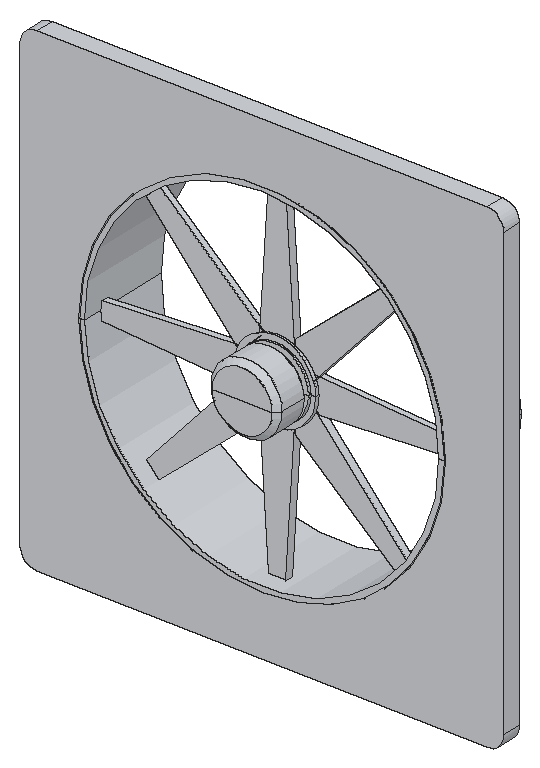
Revit family "CADS_Vent-Axia_MechEquip_Fan_VSP_SabreSicklePlate_3Ph4P - EXTRACT", category Mechanical Equipment, Revit 2020
Family settings
  Round Connector Dimension = Use Diameter
  Part Type = Normal
  OmniClass Number = 23.75.00.00
  OmniClass Title = Climate Control (HVAC)
  Work Plane-Based = No
  Always vertical = Yes
  Cut with Voids When Loaded = No
  Shared = No
  Room Calculation Point = No
Parameters (values of type "VSP31534A")
  WorkingPressure = 0.0 Pa
  WarrantyStartDate [instance] = "1900-12-31T23:59:59"
  WarrantyPeriod = ""
  WarrantyIdentifier = "N/A"
  WarrantyGuarantorParts = "tech@vent-axia.com"
  WarrantyGuarantorLabor = "tech@vent-axia.com"
  WarrantyGuarantor = "Vent-Axia Limited"
  WarrantyEndDate [instance] = "1900-12-31T23:59:59"
  WarrantyContent = ""
  TemperatureRange = ""
  TagNumber [instance] = "N/A"
  SustainabilityPerformance = ""
  Status = "New"
  Size = ""
  Shape = ""
  ServiceLifeType = ""
  ServiceLifeDuration = ""
  SerialNumber [instance] = "N/A"
  ReplacementCost = ""
  RatedVoltage = 0 V
  RatedCurrent = 0 A
  Quantity = 1
  ProductionYear = ""
  PressureCurve = ""
  PowerFactor = ""
  PointOfContact = ""
  NumberOfPoles = 0
  NominalWidth = 430 mm
  NominalLength = 83.9 mm
  NominalHeight = 315 mm
  NominalFrequencyRange = ""
  NominalDiameter = 315 mm
  ModelReference = "OWLET SICKLE PLATE FAN 315 DIA 3PH 4 POLE"
  ModelNumber = "VSP31534A"
  Material = ""
  ManufacturerE-Mail = "tech@vent-axia.com"
  ManufacturerAddress = "Fleming Way\nCrawley \nRH10 9YX"
  IsExtendedWarranty = no
  InsulationStandardClass = ""
  InstallationDate [instance] = "1900-12-31T23:59:59"
  IfcExportType [instance] = ""
  IfcExportAs = "IfcFanType"
  IP_Code = ""
  HasProtectiveEarth = no
  GrossWeight = 0.00 kg
  Grade = ""
  GlobalTradeItemNumber [instance] = "N/A"
  G = 17 mm
  Fitting Type = "Ignore"
  Finish = ""
  Features = ""
  ExteriorInsulation = no
  ExpectedServiceLife = 0
  Exclusions = ""
  E = 34 mm
  DurationUnit = "Year"
  Default Elevation = 0 mm
  Constituents = ""
  ConductorFunction = ""
  Color = ""
  CodePerformance = ""
  Category = ""
  CADS_Usage = 0
  CADS_Index = 0
  AssetType = "FIXED"
  AssetIdentifier [instance] = "N/A"
  AssemblyPlace = "UNKNOWN"
  ArticleNumber [instance] = "N/A"
  AirflowRateRange = 0.0 L/s
  Air Flow [instance] = 0.0 L/s
  AccessibilityPerformance = ""
  A = NominalWidth  # 430 mm
Types (8, lengths in mm): name | NominalWidth | NominalLength | NominalHeight | NominalDiameter | ModelReference | ModelNumber | A
  VSP31534A | 430 | 83.9 | 315 | 315 | "OWLET SICKLE PLATE FAN 315 DIA 3PH 4 POLE" | "VSP31534A" | 430
  VSP35534A | 485 | 82.9 | 355 | 355 | "OWLET SICKLE PLATE FAN 355 IDA 3PH 4 POLE" | "VSP35534A" | 485
  VSP40034A | 549 | 91.5 | 400 | 400 | "OWLET SICKLE PLATE FAN 400DIA 3PH 4 POLE" | "VSP40034A" | 549
  VSP45034A | 575 | 143.5 | 450 | 450 | "OWLET SICKLE PLATE FAN 450DIA 3PH 4 POLE" | "VSP45034A" | 575
  VSP45036 | 575 | 143.5 | 450 | 450 | "SICKLE PLATE FAN 450DIA 3PH 4 POLE" | "VSP45036" | 575
  VSP50034A | 655 | 141.5 | 500 | 500 | "OWLET SICKLE PLATE FAN 500DIA 3 PH 4 POLE" | "VSP50034A" | 655
  VSP56034A | 725 | 162.5 | 560 | 560 | "OWLET SICKLE PLATE FAN 560 DIA 3 PH 4 POLE" | "VSP56034A" | 725
  VSP63034B | 805 | 159.5 | 630 | 630 | "630MM 3PH 4P SICKLE FAN FN63-VDQ.6N.A7P3 169516" | "VSP63034B" | 805
Reference planes
  plane 1 "Center (Front/Back)": y = 0
  plane 2: z = 0
  plane 3 "Center (Left/Right)": x = 0
  plane 4: x = -157.5
  plane 5: x = 157.5
  plane 6 "F": y = -17
  plane 7 "B": y = 66.9
  plane 8: x = -215
  plane 9: x = -162.5
  plane 10 "top": z = 157.5
  plane 11: z = -157.5
  plane 12: x = 215
  plane 13: z = 215
  plane 14: z = -215
Forms (mm)
  Revolve 1, solid
    sketch origin (0, 0, 0) x (1, 0, 0) y (0, 1, 0)
      loop
        line (-162.5, -17) -> (-157.5, -17) -> (-157.5, 66.9) -> (-162.5, 66.9) -> (-162.5, -17)
      axis (0, 66.9) -> (0, -17)
    angle from 0 to 360
  Extrusion 2, solid
    sketch origin (0, 0, 0) x (1, 0, 0) y (0, 0, 1)
      loop
        arc (-200, 215) -> (-210.607, 210.607) -> (-215, 200) r 15
        line (-215, 200) -> (-215, -200)
        arc (-215, -200) -> (-210.607, -210.607) -> (-200, -215) r 15
        line (-200, -215) -> (200, -215)
        arc (200, -215) -> (210.607, -210.607) -> (215, -200) r 15
        line (215, -200) -> (215, 200)
        arc (215, 200) -> (210.607, 210.607) -> (200, 215) r 15
        line (200, 215) -> (-200, 215)
      loop
        circle (0, 0) r 162.5
    from 0 to 17 <- "G"
Dimensions and locks
  equal spacing: plane 4, plane 3 "Center (Left/Right)", plane 5
  "NominalLength": plane 7 "B" to plane 6 "F"
  "NominalDiameter": plane 4 to plane 5
  locked: plane 9 to plane 4 at 5
  equal spacing: plane 10 "top", level, plane 11
  "NominalDiameter": plane 10 "top" to plane 11
  equal spacing: plane 12, plane 3 "Center (Left/Right)", plane 8
  "A": plane 12 to plane 8
  equal spacing: plane 13, level, plane 14
  "A": plane 13 to plane 14
  "G": plane 6 "F" to plane 1 "Center (Front/Back)"
  aligned and locked: level to plane 2
  aligned and locked: Extrusion 2 sketch curve to Revolve 1  (x2)
Automatic sketch dimensions
  plane 6 "F" to Revolve 1 sketch curve = 0 mm
  Revolve 1 sketch curve to plane 4 = 0 mm
  Revolve 1 sketch curve to plane 3 "Center (Left/Right)" = 0 mm
  plane 1 "Center (Front/Back)" to Revolve 1 sketch curve = 0 mm
  Revolve 1 sketch curve to plane 7 "B" = 0 mm
  plane 6 "F" to Revolve 1 sketch curve = 115 mm
  Revolve 1 sketch curve to plane 9 = 0 mm
  Extrusion 2 sketch curve to plane 8 = 0 mm
  Extrusion 2 sketch curve to plane 13 = 0 mm
  Extrusion 2 sketch curve to plane 14 = 0 mm
  plane 12 to Extrusion 2 sketch curve = 0 mm
  plane 8 to Extrusion 2 sketch curve = 15 mm  (x2)
  plane 12 to Extrusion 2 sketch curve = 15 mm  (x2)
Nested families
  nested 1: "Fan for ESP" at (0, 0, 0), ND <- "NominalDiameter", BE <- "E", type "Fan for ESP"
    with hub 31.5 mm, ND 315 mm, BoltPCD 25.2 mm, Bolt Count 6, B_Diam 5 mm, BE 34 mm
  nested 2: "ESC Blade" at (0, 0, 0), type "ESC Blade"
    with a 20.00°, HR 31.5 mm, HD 63 mm, BT 15.75 mm, BR 126 mm, BH 40 mm, BD 315 mm, BB 31.5 mm
  nested 3: "ESC Blade" at (0, 0, 0) x (0.7071, 0, -0.7071) z (0.7071, 0, 0.7071), type "ESC Blade"
    with a 20.00°, HR 31.5 mm, HD 63 mm, BT 15.75 mm, BR 126 mm, BH 40 mm, BD 315 mm, BB 31.5 mm
  nested 4: "ESC Blade" at (0, 0, 0) x (0, 0, -1) z (1, 0, 0), type "ESC Blade"
    with a 20.00°, HR 31.5 mm, HD 63 mm, BT 15.75 mm, BR 126 mm, BH 40 mm, BD 315 mm, BB 31.5 mm
  nested 5: "ESC Blade" at (0, 0, 0) x (-0.7071, 0, -0.7071) z (0.7071, 0, -0.7071), type "ESC Blade"
    with a 20.00°, HR 31.5 mm, HD 63 mm, BT 15.75 mm, BR 126 mm, BH 40 mm, BD 315 mm, BB 31.5 mm
  nested 6: "ESC Blade" at (0, 0, 0) x (-1, 0, 0) z (0, 0, -1), type "ESC Blade"
    with a 20.00°, HR 31.5 mm, HD 63 mm, BT 15.75 mm, BR 126 mm, BH 40 mm, BD 315 mm, BB 31.5 mm
  nested 7: "ESC Blade" at (0, 0, 0) x (-0.7071, 0, -0.7071) z (-0.7071, 0, 0.7071), type "ESC Blade"
    with a 20.00°, HR 31.5 mm, HD 63 mm, BT 15.75 mm, BR 126 mm, BH 40 mm, BD 315 mm, BB 31.5 mm
  nested 8: "ESC Blade" at (0, 0, 0) x (0, 0, -1) z (-1, 0, 0), type "ESC Blade"
    with a 20.00°, HR 31.5 mm, HD 63 mm, BT 15.75 mm, BR 126 mm, BH 40 mm, BD 315 mm, BB 31.5 mm
  nested 9: "ESC Blade" at (0, 0, 0) x (0.7071, 0, -0.7071) z (-0.7071, 0, -0.7071), type "ESC Blade"
    with a 20.00°, HR 31.5 mm, HD 63 mm, BT 15.75 mm, BR 126 mm, BH 40 mm, BD 315 mm, BB 31.5 mm
Connectors
  hvac at (0, -17, 0), driven by "NominalDiameter", driven by "Air Flow"
    settings: on Revolve 1, index 1, duct flow 0.0 L/s, flow factor 0, pres drop 0.0 Pa, loss coef 0, conn angle 0.00°, conn width 304.8 mm, conn height 304.8 mm, conn diameter 315 mm, duct sys type 2, conn prof type 0, flow config 0, flow direction 1, loss method 0, conn ref index -1, conn util no, is conn primary yes, conn desc ""
  hvac at (0, 66.9, 0), driven by "NominalDiameter", driven by "Air Flow"
    settings: on Revolve 1, index 2, duct flow 0.0 L/s, flow factor 0, pres drop 0.0 Pa, loss coef 0, conn angle 0.00°, conn width 304.8 mm, conn height 304.8 mm, conn diameter 315 mm, duct sys type 3, conn prof type 0, flow config 1, flow direction 2, loss method 0, conn ref index -1, conn util no, is conn primary no, conn desc ""
Definition of nested family "Fan for ESP"
  Parameters (values of type "Fan for ESP")
    hub [instance] = ND / 10  # 25.1 mm
    ND [instance] = 251 mm
    Model = "."
    Default Elevation = 0 mm
    BoltPCD [instance] = hub - (hub * 0.2)  # 20.08 mm
    Bolt Count [instance] = if(hub < 50 mm, 6, 8)  # 6
    B_Diam [instance] = if(hub < 50 mm, 5 mm, 10 mm)  # 5 mm
    BE [instance] = 84 mm
  Reference planes
    plane 1 "Center (Front/Back)": y = 0
    plane 2: z = 0
    plane 3 "Center (Left/Right)": x = 0
    plane 4 "back": y = 20
    plane 5 "boss": y = -89
    plane 6 "B": z = 25.1
    plane 7: x = -30.1
    plane 8: x = -25.1
    plane 9 "hubface": y = -5
    plane 10: x = -20.1
    plane 11: y = -84
  Forms (mm)
    Revolve 1, solid
      sketch origin (0, 0, 0) x (1, 0, 0) y (0, 1, 0)
        loop
          line (0, -5) -> (0, 10.504) -> (-30.1, 10.504) -> (-30.1, -2.597) -> (-25.1, -2.597) -> (-25.1, -5) -> (0, -5)
        axis (0, 10.504) -> (0, -5)
      angle from 0 to 360
    Extrusion 2, solid, not visible
      sketch origin (0, -6.347, -4) x (-1, 0, 0) y (0, 0, 1)
        loop
          circle (0, 84) r 5
      from 0 to 3
    Revolve 3, solid
      sketch origin (0, 0, 0) x (1, 0, 0) y (0, 1, 0)
        loop
          line (-20.1, -5) -> (-25.1, -10) -> (-25.1, -84) -> (-20.1, -89) -> (0, -89) -> (0, -5) -> (-20.1, -5)
        axis (0, -5) -> (0, -89)
      angle from 0 to 360
  Lines and regions (mm)
    symbolic lines
      curve 1: circle (0, -89, 0) r 20.08 normal (0, 1, 0)
    model lines, not visible
      curve 2: line (0, -6.347, 85) -> (0, -6.347, 75)
  Dimensions and locks
    "hub": plane 6 "B" to plane 2
    "hub": nested 3 to plane 3 "Center (Left/Right)"
    "hub": nested 4 to plane 3 "Center (Left/Right)"
    "hub": nested 5 to plane 3 "Center (Left/Right)"
    "hub": plane 3 "Center (Left/Right)" to nested 6
    "hub": plane 3 "Center (Left/Right)" to nested 7
    "hub": plane 3 "Center (Left/Right)" to nested 8
    "hub": plane 3 "Center (Left/Right)" to nested 9
    "hub": plane 8 to plane 3 "Center (Left/Right)"
    plane 7 to plane 8 = 5 mm
    "BE": plane 5 "boss" to plane 9 "hubface"
    locked: plane 11 to plane 5 "boss" at 5
    plane 8 to plane 10 = 5 mm
    locked: plane 9 "hubface" to plane 1 "Center (Front/Back)" at 5
    diameter of Extrusion 2 sketch curve = 10 mm
    "BoltPCD": radius of curve 1
    aligned and locked: level to plane 2
    aligned and locked: plane 6 "B" to nested 1
  Automatic sketch dimensions
    Revolve 1 sketch curve to plane 7 = 0 mm
    Revolve 1 sketch curve to plane 8 = 0 mm
    Revolve 1 sketch curve to plane 3 "Center (Left/Right)" = 0 mm  (x2)
    Revolve 1 sketch curve to plane 9 "hubface" = 0 mm
    plane 1 "Center (Front/Back)" to Revolve 1 sketch curve = 2.597 mm
    plane 4 "back" to Revolve 1 sketch curve = 5 mm
    plane 4 "back" to Revolve 1 sketch curve = 9.496 mm
    Revolve 1 sketch curve to Revolve 1 sketch curve = 54.496 mm
    Revolve 3 sketch curve to plane 8 = 0 mm
    Revolve 3 sketch curve to plane 5 "boss" = 0 mm
    Revolve 3 sketch curve to plane 10 = 0 mm  (x2)
    Revolve 3 sketch curve to plane 9 "hubface" = 0 mm
    Revolve 3 sketch curve to plane 3 "Center (Left/Right)" = 0 mm  (x2)
    Revolve 3 sketch curve to plane 11 = 0 mm
    Revolve 3 sketch curve to plane 9 "hubface" = 5 mm
    plane 4 "back" to Revolve 3 sketch curve = 4.08 mm
    Revolve 3 sketch curve to plane 4 "back" = 3.828 mm
    curve 1 to level = 0 mm
    curve 1 to plane 3 "Center (Left/Right)" = 0 mm
  Nested families
    nested 1: "ESC Blade" at (0, 0, 0), BD <- "ND", HD <- "hub", type "ESC Blade"
      with a 20.00°, HR 25.1 mm, HD 50.2 mm, BT 12.55 mm, BR 100.4 mm, BH 40 mm, BD 251 mm, BB 25.1 mm
    nested 2: "ESC Blade" at (0, 0, 755), BD <- "ND", HD <- "hub", type "ESC Blade", not visible
      with a 20.00°, HR 25.1 mm, HD 50.2 mm, BT 12.55 mm, BR 100.4 mm, BH 40 mm, BD 251 mm, BB 25.1 mm
    nested 3: "ESC Blade" at (0, 0, 0) x (0.7071, 0, -0.7071) z (0.7071, 0, 0.7071), BD <- "ND", HD <- "hub", type "ESC Blade"
      with a 20.00°, HR 25.1 mm, HD 50.2 mm, BT 12.55 mm, BR 100.4 mm, BH 40 mm, BD 251 mm, BB 25.1 mm
    nested 4: "ESC Blade" at (0, 0, 0) x (0, 0, -1) z (1, 0, 0), BD <- "ND", HD <- "hub", type "ESC Blade"
      with a 20.00°, HR 25.1 mm, HD 50.2 mm, BT 12.55 mm, BR 100.4 mm, BH 40 mm, BD 251 mm, BB 25.1 mm
    nested 5: "ESC Blade" at (0, 0, 0) x (-0.7071, 0, -0.7071) z (0.7071, 0, -0.7071), BD <- "ND", HD <- "hub", type "ESC Blade"
      with a 20.00°, HR 25.1 mm, HD 50.2 mm, BT 12.55 mm, BR 100.4 mm, BH 40 mm, BD 251 mm, BB 25.1 mm
    nested 6: "ESC Blade" at (0, 0, 0) x (-1, 0, 0) z (0, 0, -1), BD <- "ND", HD <- "hub", type "ESC Blade"
      with a 20.00°, HR 25.1 mm, HD 50.2 mm, BT 12.55 mm, BR 100.4 mm, BH 40 mm, BD 251 mm, BB 25.1 mm
    nested 7: "ESC Blade" at (0, 0, 0) x (-0.7071, 0, -0.7071) z (-0.7071, 0, 0.7071), BD <- "ND", HD <- "hub", type "ESC Blade"
      with a 20.00°, HR 25.1 mm, HD 50.2 mm, BT 12.55 mm, BR 100.4 mm, BH 40 mm, BD 251 mm, BB 25.1 mm
    nested 8: "ESC Blade" at (0, 0, 0) x (0, 0, -1) z (-1, 0, 0), BD <- "ND", HD <- "hub", type "ESC Blade"
      with a 20.00°, HR 25.1 mm, HD 50.2 mm, BT 12.55 mm, BR 100.4 mm, BH 40 mm, BD 251 mm, BB 25.1 mm
    nested 9: "ESC Blade" at (0, 0, 0) x (0.7071, 0, -0.7071) z (-0.7071, 0, -0.7071), BD <- "ND", HD <- "hub", type "ESC Blade"
      with a 20.00°, HR 25.1 mm, HD 50.2 mm, BT 12.55 mm, BR 100.4 mm, BH 40 mm, BD 251 mm, BB 25.1 mm
  Definition of nested family "ESC Blade"
    Parameters (values of type "ESC Blade")
      a [instance] = 20.00°
      HR [instance] = HD / 2  # 30 mm
      HD [instance] = BD / 5  # 60 mm
      Default Elevation = 1219.2 mm
      BT [instance] = BD / 20  # 15 mm
      BR [instance] = (BD / 2) - HR  # 120 mm
      BH [instance] = 40 mm
      BD [instance] = 300 mm
      BB [instance] = BD / 10  # 30 mm
    Reference planes
      plane 1 "Center (Front/Back)": y = 0
      plane 2: z = 0
      plane 3 "Center (Left/Right)": x = 0
      plane 4 "Blade Bot": z = 30
      plane 5: x = -15
      plane 6: x = 15
      plane 7: x = -7.5
      plane 8: x = 7.5
    Forms (mm)
      Blend 1, solid
        base sketch origin (0, 0, 30) x (-1, 0, 0) y (0, -1, 0)
          loop
            line (15, 0) -> (-15, 0) -> (-15, -6) -> (15, -6) -> (15, 0)
        top sketch origin (0, 0, 30) x (-1, 0, 0) y (0, -1, 0)
          loop
            line (7.5, -6) -> (7.5, 0) -> (-7.5, 0) -> (-7.5, -6) -> (7.5, -6)
        from 0 to 120 <- "BR"
    Dimensions and locks
      "HR": plane 4 "Blade Bot" to level
      equal spacing: plane 8, plane 3 "Center (Left/Right)", plane 7
      "BT": plane 8 to plane 7
      equal spacing: plane 6, plane 3 "Center (Left/Right)", plane 5
      "BB": plane 6 to plane 5
      aligned and locked: level to plane 2
    Automatic sketch dimensions
      plane 1 "Center (Front/Back)" to Blend 1 sketch curve = 0 mm  (x2)
      Blend 1 sketch curve to plane 6 = 0 mm
      Blend 1 sketch curve to plane 5 = 0 mm
      Blend 1 sketch curve to plane 1 "Center (Front/Back)" = 6 mm  (x2)
      Blend 1 sketch curve to plane 8 = 0 mm
      Blend 1 sketch curve to plane 7 = 0 mm
Definition of nested family "ESC Blade"
  Parameters (values of type "ESC Blade")
    a [instance] = 20.00°
    HR [instance] = HD / 2  # 30 mm
    HD [instance] = BD / 5  # 60 mm
    Default Elevation = 1219.2 mm
    BT [instance] = BD / 20  # 15 mm
    BR [instance] = (BD / 2) - HR  # 120 mm
    BH [instance] = 40 mm
    BD [instance] = 300 mm
    BB [instance] = BD / 10  # 30 mm
  Reference planes
    plane 1 "Center (Front/Back)": y = 0
    plane 2: z = 0
    plane 3 "Center (Left/Right)": x = 0
    plane 4 "Blade Bot": z = 30
    plane 5: x = -15
    plane 6: x = 15
    plane 7: x = -7.5
    plane 8: x = 7.5
  Forms (mm)
    Blend 1, solid
      base sketch origin (0, 0, 30) x (-1, 0, 0) y (0, -1, 0)
        loop
          line (15, 0) -> (-15, 0) -> (-15, -6) -> (15, -6) -> (15, 0)
      top sketch origin (0, 0, 30) x (-1, 0, 0) y (0, -1, 0)
        loop
          line (7.5, -6) -> (7.5, 0) -> (-7.5, 0) -> (-7.5, -6) -> (7.5, -6)
      from 0 to 120 <- "BR"
  Dimensions and locks
    "HR": plane 4 "Blade Bot" to level
    equal spacing: plane 8, plane 3 "Center (Left/Right)", plane 7
    "BT": plane 8 to plane 7
    equal spacing: plane 6, plane 3 "Center (Left/Right)", plane 5
    "BB": plane 6 to plane 5
    aligned and locked: level to plane 2
  Automatic sketch dimensions
    plane 1 "Center (Front/Back)" to Blend 1 sketch curve = 0 mm  (x2)
    Blend 1 sketch curve to plane 6 = 0 mm
    Blend 1 sketch curve to plane 5 = 0 mm
    Blend 1 sketch curve to plane 1 "Center (Front/Back)" = 6 mm  (x2)
    Blend 1 sketch curve to plane 8 = 0 mm
    Blend 1 sketch curve to plane 7 = 0 mm
